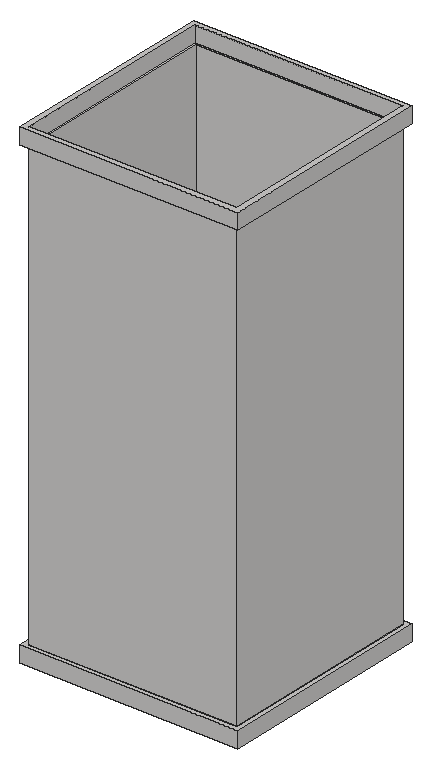
Revit family
Parameters
  offset [instance] = 0' - 0"
  Warranty Duration (Years) = 0
  Unit Width = 1' - 1"
  Unit Height = 2' - 6"
  Unit Depth = 1' - 1"
  URL = "http://www.americanspecialties.com/viewCategories.cfm"
  Trim Material = Metal - Stainless Steel
  Specification = "http://www.arcat.com/sdspecs/htm/10810asi.htm"
  SpecWizard = ""
  Send Message = "http://www.arcat.com/users.pl?action=UserEmail&company=American%20Specialties,%20Inc.&coid=30448&rep=139&fax=914-476-0688&mf="
  Sales Information = "http://www.americanspecialties.com/contact"
  Revision = "R1_10-2010"
  Product Properties = "http://www.americanspecialties.com/datasheets/0812-0813.pdf"
  Product Data = "http://www.arcat.com/arcatcos/cos30/arc30448.html"
  Model = "As Specified in 10 28 13"
  Manufacturer Website = "http://www.americanspecialties.com/viewCategories.cfm"
  Manufacturer Phone - Toll Free = ""
  Manufacturer Phone = "914-476-9000 "
  Manufacturer Fax = "914-476-0688"
  Manufacturer Address = "441 Saw Mill River Rd., Yonkers, NY 10701"
  Manufacturer = "American Specialties, Inc."
  Maintenance Schedule (Months) = 0
  Keynote = "10 28 13"
  Installation-Fabrication = "http://www.americanspecialties.com/products.cfm"
  Installation Phase = ""
  Green Building-LEED = "http://www.arcat.com/green/clients/leed_data_30448.html"
  Expected Lifespan (Years) = 0
  Drawn By = "Robert S. Weygant, CSI, CDT, SCIP"
  Description = "Toilet Accessory as Specified in 10 28 13"
  Default Elevation = 4' - 0"
  Copyright = "©Arcat Inc."
  Construction Details = "http://www.americanspecialties.com/products.cfm"
  Body Material = Metal - Stainless Steel
  Assembly Code = "C1030210"
Reference planes (in)
  plane 1 "Center (Front/Back)": y = 0
  plane 2 "Bottom": z = 0
  plane 3 "Center (Left/Right)": x = 0
Forms (in)
  Extrusion 1, solid, material "Metal - Stainless Steel" <- "Body Material"
    sketch origin (0, 0, 0) x (1, 0, 0) y (0, 1, 0)
      loop
        line (-6.5, 6.5) -> (-6.5, -6.5) -> (6.5, -6.5) -> (6.5, 6.5) -> (-6.5, 6.5)
      loop
        line (-6.3125, 6.3125) -> (-6.3125, -6.3125) -> (6.3125, -6.3125) -> (6.3125, 6.3125) -> (-6.3125, 6.3125)
    from 1 to 29
  Extrusion 2, solid, material "Metal - Stainless Steel" <- "Body Material"
    sketch origin (0, 0, 0) x (1, 0, 0) y (0, 1, 0)
      loop
        line (-6.5, 6.5) -> (-6.5, -6.5) -> (6.5, -6.5) -> (6.5, 6.5) -> (-6.5, 6.5)
      loop
        line (-6.80078, 6.80078) -> (-6.80078, -6.80078) -> (6.80078, -6.80078) -> (6.80078, 6.80078) -> (-6.80078, 6.80078)
    from 0 to 1
  Extrusion 3, solid, material "Metal - Stainless Steel" <- "Body Material"
    sketch origin (0, 0, 21) x (1, 0, 0) y (0, 1, 0)
      loop
        line (-6.5, 6.5) -> (-6.5, -6.5) -> (6.5, -6.5) -> (6.5, 6.5) -> (-6.5, 6.5)
      loop
        line (-6.80078, 6.80078) -> (-6.80078, -6.80078) -> (6.80078, -6.80078) -> (6.80078, 6.80078) -> (-6.80078, 6.80078)
    from 8 to 9
  Extrusion 4, solid, material "Metal - Stainless Steel" <- "Body Material"
    sketch origin (0, 0, 0) x (1, 0, 0) y (0, 1, 0)
      loop
        line (-6.5, 6.5) -> (-6.5, -6.5) -> (6.5, -6.5) -> (6.5, 6.5) -> (-6.5, 6.5)
    from 0 to 1
Dimensions and locks (in)
  "Unit Height": Extrusion 3 to Extrusion 2
  equal spacing: Extrusion 1, plane 1 "Center (Front/Back)", Extrusion 1
  "Unit Depth": Extrusion 1 to Extrusion 1
  equal spacing: Extrusion 3, plane 3 "Center (Left/Right)", Extrusion 3
  "Unit Width": Extrusion 3 to Extrusion 3
  locked: Extrusion 2 to Extrusion 2 at 1
  locked: Extrusion 3 to Extrusion 3 at 1
  aligned and locked: Extrusion 2 sketch curve to Extrusion 1  (x3)
  aligned and locked: Extrusion 1 to Extrusion 2 sketch curve
  aligned and locked: Extrusion 1 to Extrusion 3
  aligned and locked: Extrusion 1 to Extrusion 2
  aligned and locked: Extrusion 4 sketch curve to Extrusion 1  (x3)
  aligned and locked: Extrusion 1 to Extrusion 4 sketch curve
  aligned and locked: Extrusion 4 to Extrusion 1  (x2)
  aligned and locked: Extrusion 2 to Extrusion 4
  aligned and locked: Extrusion 3 to Extrusion 1  (x2)
  aligned and locked: Extrusion 1 to Extrusion 4
  aligned and locked: Extrusion 2 to Extrusion 3  (x2)
  aligned and locked: Extrusion 3 to Extrusion 4  (x2)
Automatic sketch dimensions
  Extrusion 1 sketch curve to plane 3 "Center (Left/Right)" = 0' - 6 1/2"
  Extrusion 1 sketch curve to Extrusion 1 sketch curve = 0' - 0 3/16"  (x4)
  plane 3 "Center (Left/Right)" to Extrusion 1 sketch curve = 0' - 6 5/16"
  plane 1 "Center (Front/Back)" to Extrusion 1 sketch curve = 0' - 6 1/2"
  Extrusion 1 sketch curve to plane 1 "Center (Front/Back)" = 0' - 6 5/16"
  Extrusion 2 sketch curve to Extrusion 2 sketch curve = 0' - 0 77/256"  (x4)
  Extrusion 3 sketch curve to plane 3 "Center (Left/Right)" = 0' - 6 205/256"
  Extrusion 3 sketch curve to Extrusion 3 sketch curve = 0' - 0 77/256"  (x4)
  plane 3 "Center (Left/Right)" to Extrusion 3 sketch curve = 0' - 6 1/2"
  plane 1 "Center (Front/Back)" to Extrusion 3 sketch curve = 0' - 6 205/256"
  Extrusion 3 sketch curve to plane 1 "Center (Front/Back)" = 0' - 6 1/2"
